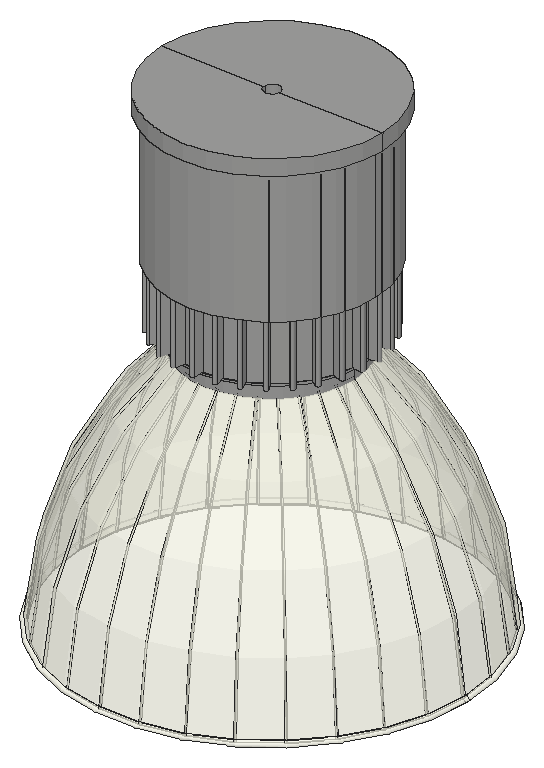
Revit family "TR3", category Lighting Fixtures, Revit 2024
Family settings
  Round Connector Dimension = Use Diameter
  Part Type = Normal
  OmniClass Number = 23.80.70.00
  OmniClass Title = Lighting
  Work Plane-Based = No
  Always vertical = Yes
  Cut with Voids When Loaded = No
  Light Source = No
  Maintain Annotation Orientation = No
  Shared = No
  Room Calculation Point = No
Parameters
  Default Elevation = 0' - 0"
Reference planes (in)
  plane 1 "Light Source Axis (F/B)": y = 0
  plane 2: z = 0
  plane 3 "Light Source Axis (L/R)": x = 0
  plane 4 "Light Source Elevation": z = 54
Forms (in)
  Sweep 1, solid, material "GLASS SHADE", not visible
    path origin (75.968, 0, 0.00093) x (1, 0, 0) y (0, 0, 1)
      loop
        arc (-4.5864, 68.3252) -> (-8.91952, 61.72019) -> (-10.59309, 54) r 21.63816
    profile origin (67.04848, 0, 61.72112) x (0.922209, 0, -0.386691) y (0, -1, 0)
      loop
        circle (0, 0) r 0.03125
  Extrusion 2, solid, material "97", not visible
    sketch origin (21.22004, 0.07031, 3.70715) x (1, 0, 0) y (0, 1, 0)
      loop
        arc (0.70087, 4.42509) -> (0.0002, 4.48026) -> (-0.70003, 4.41981) r 4.27232
        line (-0.70003, 4.41981) -> (-0.65367, 4.12712)
        arc (-0.65367, 4.12712) -> (0, 4.17857) -> (0.65367, 4.12712) r 4.17857
        line (0.65367, 4.12712) -> (0.70087, 4.42509)
    from 66 to 73.80732
  Revolve 3, solid, material "97"
    sketch origin (0, 0, 0) x (1, 0, 0) y (0, 0, 1)
      loop
        line (0.25, 69.25) -> (0.25, 68.75) -> (3.19922, 68.75) -> (3.19922, 64.50182) -> (3.29319, 64.50182) -> (3.29319, 68.75) -> (3.5, 68.75) -> (3.5, 69.25) -> (0.25, 69.25)
      loop
        line (2.625, 61.93368) -> (2.625, 62.43368) -> (2.87796, 62.43368) -> (2.87796, 62.50182) -> (0, 62.50182) -> (0, 62.39137) -> (2.53125, 62.39137) -> (2.53125, 61.93368) -> (2.625, 61.93368)
      axis (0, 61.93368) -> (0, 69.25)
    angle from 0 to 360
  Revolve 4, solid, material "GLASS SHADE"
    sketch origin (0, 0, 0) x (1, 0, 0) y (0, 0, 1)
      loop
        arc (6.14986, 54.19326) -> (5.13107, 58.44102) -> (2.57335, 61.98213) r 11.26795
        line (2.57335, 61.98213) -> (2.50701, 61.91579)
        arc (2.50701, 61.91579) -> (5.06994, 58.34913) -> (6.06036, 54.07025) r 11.1742
        arc (6.06036, 54.07025) -> (6.2315, 54.03979) -> (6.14986, 54.19326) r 0.09666
      axis (0, 61.98213) -> (0, 54.07025)
    angle from 0 to 360
  Extrusion 5, solid, material "97"
    sketch origin (-21.0625, -9.2987, 57.43186) x (1, 0, 0) y (0, 1, 0)
      loop
        arc (21, 12.13951) -> (20.76548, 12.12463) -> (20.533, 12.09043) r 2.8415
        line (20.533, 12.09043) -> (20.46788, 12.39677)
        arc (20.46788, 12.39677) -> (20.39375, 12.44491) -> (20.34561, 12.37078) r 0.0625
        line (20.34561, 12.37078) -> (20.41073, 12.06444)
        arc (20.41073, 12.06444) -> (20.18443, 12.00112) -> (19.96413, 11.91933) r 2.8415
        line (19.96413, 11.91933) -> (19.83675, 12.20544)
        arc (19.83675, 12.20544) -> (19.75423, 12.23712) -> (19.72256, 12.1546) r 0.0625
        line (19.72256, 12.1546) -> (19.84994, 11.86849)
        arc (19.84994, 11.86849) -> (19.64175, 11.75951) -> (19.44328, 11.6337) r 2.8415
        line (19.44328, 11.6337) -> (19.25919, 11.88707)
        arc (19.25919, 11.88707) -> (19.17189, 11.9009) -> (19.15806, 11.8136) r 0.0625
        line (19.15806, 11.8136) -> (19.34215, 11.56023)
        arc (19.34215, 11.56023) -> (19.16117, 11.41034) -> (18.99319, 11.24602) r 2.8415
        line (18.99319, 11.24602) -> (18.76044, 11.45558)
        arc (18.76044, 11.45558) -> (18.67217, 11.45096) -> (18.6768, 11.36269) r 0.0625
        line (18.6768, 11.36269) -> (18.90954, 11.15313)
        arc (18.90954, 11.15313) -> (18.76368, 10.96889) -> (18.63353, 10.77323) r 2.8415
        line (18.63353, 10.77323) -> (18.36231, 10.92982)
        arc (18.36231, 10.92982) -> (18.27693, 10.90695) -> (18.29981, 10.82157) r 0.0625
        line (18.29981, 10.82157) -> (18.57103, 10.66498)
        arc (18.57103, 10.66498) -> (18.46666, 10.45444) -> (18.38004, 10.236) r 2.8415
        line (18.38004, 10.236) -> (18.08218, 10.33278)
        arc (18.08218, 10.33278) -> (18.00343, 10.29265) -> (18.04355, 10.2139) r 0.0625
        line (18.04355, 10.2139) -> (18.34141, 10.11712)
        arc (18.34141, 10.11712) -> (18.28309, 9.88948) -> (18.24378, 9.6578) r 2.8415
        line (18.24378, 9.6578) -> (17.93231, 9.69054)
        arc (17.93231, 9.69054) -> (17.86362, 9.63491) -> (17.91924, 9.56622) r 0.0625
        line (17.91924, 9.56622) -> (18.23072, 9.53349)
        arc (18.23072, 9.53349) -> (18.221, 9.2987) -> (18.23072, 9.06391) r 2.8415
        line (18.23072, 9.06391) -> (17.91924, 9.03117)
        arc (17.91924, 9.03117) -> (17.86362, 8.96248) -> (17.93231, 8.90686) r 0.0625
        line (17.93231, 8.90686) -> (18.24378, 8.93959)
        arc (18.24378, 8.93959) -> (18.28309, 8.70792) -> (18.34141, 8.48028) r 2.8415
        line (18.34141, 8.48028) -> (18.04355, 8.3835)
        arc (18.04355, 8.3835) -> (18.00343, 8.30474) -> (18.08218, 8.26462) r 0.0625
        line (18.08218, 8.26462) -> (18.38004, 8.3614)
        arc (18.38004, 8.3614) -> (18.46666, 8.14296) -> (18.57103, 7.93242) r 2.8415
        line (18.57103, 7.93242) -> (18.29981, 7.77582)
        arc (18.29981, 7.77582) -> (18.27693, 7.69045) -> (18.36231, 7.66757) r 0.0625
        line (18.36231, 7.66757) -> (18.63353, 7.82416)
        arc (18.63353, 7.82416) -> (18.76368, 7.62851) -> (18.90954, 7.44427) r 2.8415
        line (18.90954, 7.44427) -> (18.6768, 7.23471)
        arc (18.6768, 7.23471) -> (18.67217, 7.14644) -> (18.76044, 7.14181) r 0.0625
        line (18.76044, 7.14181) -> (18.99319, 7.35138)
        arc (18.99319, 7.35138) -> (19.16117, 7.18705) -> (19.34215, 7.03717) r 2.8415
        line (19.34215, 7.03717) -> (19.15806, 6.78379)
        arc (19.15806, 6.78379) -> (19.17189, 6.69649) -> (19.25919, 6.71032) r 0.0625
        line (19.25919, 6.71032) -> (19.44328, 6.9637)
        arc (19.44328, 6.9637) -> (19.64175, 6.83789) -> (19.84994, 6.72891) r 2.8415
        line (19.84994, 6.72891) -> (19.72256, 6.4428)
        arc (19.72256, 6.4428) -> (19.75423, 6.36028) -> (19.83675, 6.39195) r 0.0625
        line (19.83675, 6.39195) -> (19.96413, 6.67806)
        arc (19.96413, 6.67806) -> (20.18443, 6.59627) -> (20.41073, 6.53296) r 2.8415
        line (20.41073, 6.53296) -> (20.34561, 6.22661)
        arc (20.34561, 6.22661) -> (20.39375, 6.15249) -> (20.46788, 6.20063) r 0.0625
        line (20.46788, 6.20063) -> (20.533, 6.50697)
        arc (20.533, 6.50697) -> (20.76548, 6.47276) -> (21, 6.45788) r 2.8415
        line (21, 6.45788) -> (21, 6.1447)
        arc (21, 6.1447) -> (21.0625, 6.0822) -> (21.125, 6.1447) r 0.0625
        line (21.125, 6.1447) -> (21.125, 6.45788)
        arc (21.125, 6.45788) -> (21.35952, 6.47276) -> (21.592, 6.50697) r 2.8415
        line (21.592, 6.50697) -> (21.65712, 6.20063)
        arc (21.65712, 6.20063) -> (21.73125, 6.15249) -> (21.77939, 6.22661) r 0.0625
        line (21.77939, 6.22661) -> (21.71427, 6.53296)
        arc (21.71427, 6.53296) -> (21.94057, 6.59627) -> (22.16087, 6.67806) r 2.8415
        line (22.16087, 6.67806) -> (22.28825, 6.39195)
        arc (22.28825, 6.39195) -> (22.37077, 6.36028) -> (22.40244, 6.4428) r 0.0625
        line (22.40244, 6.4428) -> (22.27506, 6.72891)
        arc (22.27506, 6.72891) -> (22.48325, 6.83789) -> (22.68172, 6.9637) r 2.8415
        line (22.68172, 6.9637) -> (22.86581, 6.71032)
        arc (22.86581, 6.71032) -> (22.95311, 6.69649) -> (22.96694, 6.78379) r 0.0625
        line (22.96694, 6.78379) -> (22.78285, 7.03717)
        arc (22.78285, 7.03717) -> (22.96383, 7.18705) -> (23.13181, 7.35138) r 2.8415
        line (23.13181, 7.35138) -> (23.36456, 7.14181)
        arc (23.36456, 7.14181) -> (23.45283, 7.14644) -> (23.4482, 7.23471) r 0.0625
        line (23.4482, 7.23471) -> (23.21546, 7.44427)
        arc (23.21546, 7.44427) -> (23.36132, 7.62851) -> (23.49147, 7.82416) r 2.8415
        line (23.49147, 7.82416) -> (23.76269, 7.66757)
        arc (23.76269, 7.66757) -> (23.84807, 7.69045) -> (23.82519, 7.77582) r 0.0625
        line (23.82519, 7.77582) -> (23.55397, 7.93242)
        arc (23.55397, 7.93242) -> (23.65834, 8.14296) -> (23.74496, 8.3614) r 2.8415
        line (23.74496, 8.3614) -> (24.04282, 8.26462)
        arc (24.04282, 8.26462) -> (24.12157, 8.30474) -> (24.08145, 8.3835) r 0.0625
        line (24.08145, 8.3835) -> (23.78359, 8.48028)
        arc (23.78359, 8.48028) -> (23.84191, 8.70792) -> (23.88122, 8.93959) r 2.8415
        line (23.88122, 8.93959) -> (24.19269, 8.90686)
        arc (24.19269, 8.90686) -> (24.26138, 8.96248) -> (24.20576, 9.03117) r 0.0625
        line (24.20576, 9.03117) -> (23.89428, 9.06391)
        arc (23.89428, 9.06391) -> (23.904, 9.2987) -> (23.89428, 9.53349) r 2.8415
        line (23.89428, 9.53349) -> (24.20576, 9.56622)
        arc (24.20576, 9.56622) -> (24.26138, 9.63491) -> (24.19269, 9.69054) r 0.0625
        line (24.19269, 9.69054) -> (23.88122, 9.6578)
        arc (23.88122, 9.6578) -> (23.84191, 9.88948) -> (23.78359, 10.11712) r 2.8415
        line (23.78359, 10.11712) -> (24.08145, 10.2139)
        arc (24.08145, 10.2139) -> (24.12157, 10.29265) -> (24.04282, 10.33278) r 0.0625
        line (24.04282, 10.33278) -> (23.74496, 10.236)
        arc (23.74496, 10.236) -> (23.65834, 10.45444) -> (23.55397, 10.66498) r 2.8415
        line (23.55397, 10.66498) -> (23.82519, 10.82157)
        arc (23.82519, 10.82157) -> (23.84807, 10.90695) -> (23.76269, 10.92982) r 0.0625
        line (23.76269, 10.92982) -> (23.49147, 10.77323)
        arc (23.49147, 10.77323) -> (23.36132, 10.96889) -> (23.21546, 11.15313) r 2.8415
        line (23.21546, 11.15313) -> (23.4482, 11.36269)
        arc (23.4482, 11.36269) -> (23.45283, 11.45096) -> (23.36456, 11.45558) r 0.0625
        line (23.36456, 11.45558) -> (23.13181, 11.24602)
        arc (23.13181, 11.24602) -> (22.96383, 11.41034) -> (22.78285, 11.56023) r 2.8415
        line (22.78285, 11.56023) -> (22.96694, 11.8136)
        arc (22.96694, 11.8136) -> (22.95311, 11.9009) -> (22.86581, 11.88707) r 0.0625
        line (22.86581, 11.88707) -> (22.68172, 11.6337)
        arc (22.68172, 11.6337) -> (22.48325, 11.75951) -> (22.27506, 11.86849) r 2.8415
        line (22.27506, 11.86849) -> (22.40244, 12.1546)
        arc (22.40244, 12.1546) -> (22.37077, 12.23712) -> (22.28825, 12.20544) r 0.0625
        line (22.28825, 12.20544) -> (22.16087, 11.91933)
        arc (22.16087, 11.91933) -> (21.94057, 12.00112) -> (21.71427, 12.06444) r 2.8415
        line (21.71427, 12.06444) -> (21.77939, 12.37078)
        arc (21.77939, 12.37078) -> (21.73125, 12.44491) -> (21.65712, 12.39677) r 0.0625
        line (21.65712, 12.39677) -> (21.592, 12.09043)
        arc (21.592, 12.09043) -> (21.35952, 12.12463) -> (21.125, 12.13951) r 2.8415
        line (21.125, 12.13951) -> (21.125, 12.4527)
        arc (21.125, 12.4527) -> (21.0625, 12.5152) -> (21, 12.4527) r 0.0625
        line (21, 12.4527) -> (21, 12.13951)
    from 5.06996 to 11.31814
  Sweep 6, solid, material "GLASS SHADE"
    path origin (0, 0, 0) x (1, 0, 0) y (0, 0, 1)
      loop
        arc (-2.50701, 61.91579) -> (-5.056, 58.34281) -> (-6.06036, 54.07025) r 11.36039
    profile origin (-5.056, 0, 58.34281) x (0.910926, 0, -0.41257) y (0, -1, 0)
      loop
        circle (0, 0) r 0.03125
  Sweep 7, solid, material "GLASS SHADE"
    path origin (0, 0, 0) x (0.978148, -0.207912, 0) y (0, 0, 1)
      loop
        arc (-2.50701, 61.91579) -> (-5.056, 58.34281) -> (-6.06036, 54.07025) r 11.36039
    profile origin (-4.94552, 1.0512, 58.34281) x (0.89102, -0.189392, -0.41257) y (-0.207912, -0.978148, 0)
      loop
        circle (0, 0) r 0.03125
  Sweep 8, solid, material "GLASS SHADE"
    path origin (0, 0, 0) x (0.978148, 0.207912, 0) y (0, 0, 1)
      loop
        arc (-2.50701, 61.91579) -> (-5.056, 58.34281) -> (-6.06036, 54.07025) r 11.36039
    profile origin (-4.94552, -1.0512, 58.34281) x (0.89102, 0.189392, -0.41257) y (0.207912, -0.978148, 0)
      loop
        circle (0, 0) r 0.03125
  Sweep 9, solid, material "GLASS SHADE"
    path origin (0, 0, 0) x (0.913545, 0.406737, 0) y (0, 0, 1)
      loop
        arc (-2.50701, 61.91579) -> (-5.056, 58.34281) -> (-6.06036, 54.07025) r 11.36039
    profile origin (-4.61889, -2.05646, 58.34281) x (0.832172, 0.370507, -0.41257) y (0.406737, -0.913545, 0)
      loop
        circle (0, 0) r 0.03125
  Sweep 10, solid, material "GLASS SHADE"
    path origin (0, 0, 0) x (0.809017, 0.587785, 0) y (0, 0, 1)
      loop
        arc (-2.50701, 61.91579) -> (-5.056, 58.34281) -> (-6.06036, 54.07025) r 11.36039
    profile origin (-4.09039, -2.97184, 58.34281) x (0.736955, 0.535429, -0.41257) y (0.587785, -0.809017, 0)
      loop
        circle (0, 0) r 0.03125
  Sweep 11, solid, material "GLASS SHADE"
    path origin (0, 0, 0) x (0.669131, 0.743145, 0) y (0, 0, 1)
      loop
        arc (-2.50701, 61.91579) -> (-5.056, 58.34281) -> (-6.06036, 54.07025) r 11.36039
    profile origin (-3.38313, -3.75734, 58.34281) x (0.609529, 0.67695, -0.41257) y (0.743145, -0.669131, 0)
      loop
        circle (0, 0) r 0.03125
  Sweep 12, solid, material "GLASS SHADE"
    path origin (0, 0, 0) x (0.5, 0.866025, 0) y (0, 0, 1)
      loop
        arc (-2.50701, 61.91579) -> (-5.056, 58.34281) -> (-6.06036, 54.07025) r 11.36039
    profile origin (-2.528, -4.37863, 58.34281) x (0.455463, 0.788885, -0.41257) y (0.866025, -0.5, 0)
      loop
        circle (0, 0) r 0.03125
  Sweep 13, solid, material "GLASS SHADE"
    path origin (0, 0, 0) x (0.309017, 0.951057, 0) y (0, 0, 1)
      loop
        arc (-2.50701, 61.91579) -> (-5.056, 58.34281) -> (-6.06036, 54.07025) r 11.36039
    profile origin (-1.56239, -4.80854, 58.34281) x (0.281492, 0.866342, -0.41257) y (0.951057, -0.309017, 0)
      loop
        circle (0, 0) r 0.03125
  Sweep 14, solid, material "GLASS SHADE"
    path origin (0, 0, 0) x (0.104528, 0.994522, 0) y (0, 0, 1)
      loop
        arc (-2.50701, 61.91579) -> (-5.056, 58.34281) -> (-6.06036, 54.07025) r 11.36039
    profile origin (-0.5285, -5.0283, 58.34281) x (0.095218, 0.905936, -0.41257) y (0.994522, -0.104528, 0)
      loop
        circle (0, 0) r 0.03125
  Sweep 15, solid, material "GLASS SHADE"
    path origin (0, 0, 0) x (-0.104528, 0.994522, 0) y (0, 0, 1)
      loop
        arc (-2.50701, 61.91579) -> (-5.056, 58.34281) -> (-6.06036, 54.07025) r 11.36039
    profile origin (0.5285, -5.0283, 58.34281) x (-0.095218, 0.905936, -0.41257) y (0.994522, 0.104528, 0)
      loop
        circle (0, 0) r 0.03125
  Sweep 16, solid, material "GLASS SHADE"
    path origin (0, 0, 0) x (-0.309017, 0.951057, 0) y (0, 0, 1)
      loop
        arc (-2.50701, 61.91579) -> (-5.056, 58.34281) -> (-6.06036, 54.07025) r 11.36039
    profile origin (1.56239, -4.80854, 58.34281) x (-0.281492, 0.866342, -0.41257) y (0.951057, 0.309017, 0)
      loop
        circle (0, 0) r 0.03125
  Sweep 17, solid, material "GLASS SHADE"
    path origin (0, 0, 0) x (-0.5, 0.866025, 0) y (0, 0, 1)
      loop
        arc (-2.50701, 61.91579) -> (-5.056, 58.34281) -> (-6.06036, 54.07025) r 11.36039
    profile origin (2.528, -4.37863, 58.34281) x (-0.455463, 0.788885, -0.41257) y (0.866025, 0.5, 0)
      loop
        circle (0, 0) r 0.03125
  Sweep 18, solid, material "GLASS SHADE"
    path origin (0, 0, 0) x (-0.669131, 0.743145, 0) y (0, 0, 1)
      loop
        arc (-2.50701, 61.91579) -> (-5.056, 58.34281) -> (-6.06036, 54.07025) r 11.36039
    profile origin (3.38313, -3.75734, 58.34281) x (-0.609529, 0.67695, -0.41257) y (0.743145, 0.669131, 0)
      loop
        circle (0, 0) r 0.03125
  Sweep 19, solid, material "GLASS SHADE"
    path origin (0, 0, 0) x (-0.809017, 0.587785, 0) y (0, 0, 1)
      loop
        arc (-2.50701, 61.91579) -> (-5.056, 58.34281) -> (-6.06036, 54.07025) r 11.36039
    profile origin (4.09039, -2.97184, 58.34281) x (-0.736955, 0.535429, -0.41257) y (0.587785, 0.809017, 0)
      loop
        circle (0, 0) r 0.03125
  Sweep 20, solid, material "GLASS SHADE"
    path origin (0, 0, 0) x (-0.913545, 0.406737, 0) y (0, 0, 1)
      loop
        arc (-2.50701, 61.91579) -> (-5.056, 58.34281) -> (-6.06036, 54.07025) r 11.36039
    profile origin (4.61889, -2.05646, 58.34281) x (-0.832172, 0.370507, -0.41257) y (0.406737, 0.913545, 0)
      loop
        circle (0, 0) r 0.03125
  Sweep 21, solid, material "GLASS SHADE"
    path origin (0, 0, 0) x (-0.978148, 0.207912, 0) y (0, 0, 1)
      loop
        arc (-2.50701, 61.91579) -> (-5.056, 58.34281) -> (-6.06036, 54.07025) r 11.36039
    profile origin (4.94552, -1.0512, 58.34281) x (-0.89102, 0.189392, -0.41257) y (0.207912, 0.978148, 0)
      loop
        circle (0, 0) r 0.03125
  Sweep 22, solid, material "GLASS SHADE"
    path origin (0, 0, 0) x (-1, 0, 0) y (0, 0, 1)
      loop
        arc (-2.50701, 61.91579) -> (-5.056, 58.34281) -> (-6.06036, 54.07025) r 11.36039
    profile origin (5.056, 0, 58.34281) x (-0.910926, 0, -0.41257) y (0, 1, 0)
      loop
        circle (0, 0) r 0.03125
  Sweep 23, solid, material "GLASS SHADE"
    path origin (0, 0, 0) x (-0.978148, -0.207912, 0) y (0, 0, 1)
      loop
        arc (-2.50701, 61.91579) -> (-5.056, 58.34281) -> (-6.06036, 54.07025) r 11.36039
    profile origin (4.94552, 1.0512, 58.34281) x (-0.89102, -0.189392, -0.41257) y (-0.207912, 0.978148, 0)
      loop
        circle (0, 0) r 0.03125
  Sweep 24, solid, material "GLASS SHADE"
    path origin (0, 0, 0) x (-0.913545, -0.406737, 0) y (0, 0, 1)
      loop
        arc (-2.50701, 61.91579) -> (-5.056, 58.34281) -> (-6.06036, 54.07025) r 11.36039
    profile origin (4.61889, 2.05646, 58.34281) x (-0.832172, -0.370507, -0.41257) y (-0.406737, 0.913545, 0)
      loop
        circle (0, 0) r 0.03125
  Sweep 25, solid, material "GLASS SHADE"
    path origin (0, 0, 0) x (-0.809017, -0.587785, 0) y (0, 0, 1)
      loop
        arc (-2.50701, 61.91579) -> (-5.056, 58.34281) -> (-6.06036, 54.07025) r 11.36039
    profile origin (4.09039, 2.97184, 58.34281) x (-0.736955, -0.535429, -0.41257) y (-0.587785, 0.809017, 0)
      loop
        circle (0, 0) r 0.03125
  Sweep 26, solid, material "GLASS SHADE"
    path origin (0, 0, 0) x (-0.669131, -0.743145, 0) y (0, 0, 1)
      loop
        arc (-2.50701, 61.91579) -> (-5.056, 58.34281) -> (-6.06036, 54.07025) r 11.36039
    profile origin (3.38313, 3.75734, 58.34281) x (-0.609529, -0.67695, -0.41257) y (-0.743145, 0.669131, 0)
      loop
        circle (0, 0) r 0.03125
  Sweep 27, solid, material "GLASS SHADE"
    path origin (0, 0, 0) x (-0.5, -0.866025, 0) y (0, 0, 1)
      loop
        arc (-2.50701, 61.91579) -> (-5.056, 58.34281) -> (-6.06036, 54.07025) r 11.36039
    profile origin (2.528, 4.37863, 58.34281) x (-0.455463, -0.788885, -0.41257) y (-0.866025, 0.5, 0)
      loop
        circle (0, 0) r 0.03125
  Sweep 28, solid, material "GLASS SHADE"
    path origin (0, 0, 0) x (-0.309017, -0.951057, 0) y (0, 0, 1)
      loop
        arc (-2.50701, 61.91579) -> (-5.056, 58.34281) -> (-6.06036, 54.07025) r 11.36039
    profile origin (1.56239, 4.80854, 58.34281) x (-0.281492, -0.866342, -0.41257) y (-0.951057, 0.309017, 0)
      loop
        circle (0, 0) r 0.03125
  Sweep 29, solid, material "GLASS SHADE"
    path origin (0, 0, 0) x (-0.104528, -0.994522, 0) y (0, 0, 1)
      loop
        arc (-2.50701, 61.91579) -> (-5.056, 58.34281) -> (-6.06036, 54.07025) r 11.36039
    profile origin (0.5285, 5.0283, 58.34281) x (-0.095218, -0.905936, -0.41257) y (-0.994522, 0.104528, 0)
      loop
        circle (0, 0) r 0.03125
  Sweep 30, solid, material "GLASS SHADE"
    path origin (0, 0, 0) x (0.104528, -0.994522, 0) y (0, 0, 1)
      loop
        arc (-2.50701, 61.91579) -> (-5.056, 58.34281) -> (-6.06036, 54.07025) r 11.36039
    profile origin (-0.5285, 5.0283, 58.34281) x (0.095218, -0.905936, -0.41257) y (-0.994522, -0.104528, 0)
      loop
        circle (0, 0) r 0.03125
  Sweep 31, solid, material "GLASS SHADE"
    path origin (0, 0, 0) x (0.309017, -0.951057, 0) y (0, 0, 1)
      loop
        arc (-2.50701, 61.91579) -> (-5.056, 58.34281) -> (-6.06036, 54.07025) r 11.36039
    profile origin (-1.56239, 4.80854, 58.34281) x (0.281492, -0.866342, -0.41257) y (-0.951057, -0.309017, 0)
      loop
        circle (0, 0) r 0.03125
  Sweep 32, solid, material "GLASS SHADE"
    path origin (0, 0, 0) x (0.5, -0.866025, 0) y (0, 0, 1)
      loop
        arc (-2.50701, 61.91579) -> (-5.056, 58.34281) -> (-6.06036, 54.07025) r 11.36039
    profile origin (-2.528, 4.37863, 58.34281) x (0.455463, -0.788885, -0.41257) y (-0.866025, -0.5, 0)
      loop
        circle (0, 0) r 0.03125
  Sweep 33, solid, material "GLASS SHADE"
    path origin (0, 0, 0) x (0.669131, -0.743145, 0) y (0, 0, 1)
      loop
        arc (-2.50701, 61.91579) -> (-5.056, 58.34281) -> (-6.06036, 54.07025) r 11.36039
    profile origin (-3.38313, 3.75734, 58.34281) x (0.609529, -0.67695, -0.41257) y (-0.743145, -0.669131, 0)
      loop
        circle (0, 0) r 0.03125
  Sweep 34, solid, material "GLASS SHADE"
    path origin (0, 0, 0) x (0.809017, -0.587785, 0) y (0, 0, 1)
      loop
        arc (-2.50701, 61.91579) -> (-5.056, 58.34281) -> (-6.06036, 54.07025) r 11.36039
    profile origin (-4.09039, 2.97184, 58.34281) x (0.736955, -0.535429, -0.41257) y (-0.587785, -0.809017, 0)
      loop
        circle (0, 0) r 0.03125
  Sweep 35, solid, material "GLASS SHADE"
    path origin (0, 0, 0) x (0.913545, -0.406737, 0) y (0, 0, 1)
      loop
        arc (-2.50701, 61.91579) -> (-5.056, 58.34281) -> (-6.06036, 54.07025) r 11.36039
    profile origin (-4.61889, 2.05646, 58.34281) x (0.832172, -0.370507, -0.41257) y (-0.406737, -0.913545, 0)
      loop
        circle (0, 0) r 0.03125
Dimensions and locks (in)
  aligned and locked: level to plane 2
